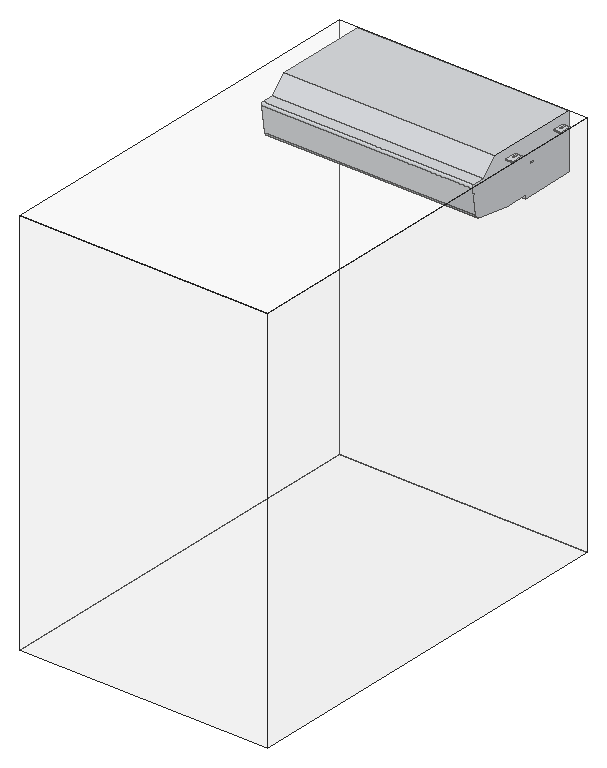
Revit family "pc-rp80140ha20_50hz", category 機械設備, Revit 2019
Family settings
  丸型コネクタ寸法 = 直径を使用
  パーツ タイプ = 標準
  OmniClass 番号 = 23.75.10.24.21.27.27
  OmniClass タイトル = Split System Air Conditioning Units
  作業面ベース = いいえ
  常に垂直 = はい
  ロード時にボイドで切り取り = いいえ
  共有 = いいえ
  部屋計算ポイント = はい
Parameters (values of type "厨房天吊_PC-RP80HA20")
  風量_強 (㎥/min) = 17
  風量_弱 (㎥/min) = 15
  風量 = MAX風量  # 1020.0 m³/h
  音響パワーレベル_強 (dB) = 57
  音響パワーレベル_弱 (dB) = 55
  音響パワーレベル(dB) = [音響パワーレベル_強 (dB)]  # 57
  電源種別 = ""
  電源_H = 0 mm
  電圧 = 0 V
  電動機出力_送風機 = 0.04 kW
  運転質量 = 0.00 kg
  連動 = ""
  質量 = if(製品質量 > 運転質量, 製品質量, 運転質量) * 1.2  # 50.40 kg
  負荷分類 = 3_ファン類
  構成品番 = "PC-RP80HA20"
  冷媒液管位置 = 175 mm
  冷媒ガス管位置 = 197 mm
  ドレン管径 (外径) = 32 mm
  【値が 0 の項目は組合せ形名にてご確認ください】 = ""
  MIN風量 = [風量_弱 (㎥/min)] * 60.0 m³/h  # 900.0 m³/h
  MAX風量 = [風量_強 (㎥/min)] * 60.0 m³/h  # 1020.0 m³/h
  サービススペース = yes
  ケーブルサイズ = 0 mm
  Version = ""
  URL = "https://www.mitsubishielectric.co.jp/ldg/wink/ssl/top.do"
  Line = not(Width = 1136 mm)  # no
  説明 = "店舗・事務所用パッケージエアコン(Mr.SLIM) 厨房用(天吊形)"
  設計暖房能力 = 0.00 kW
  設計冷房能力_顕熱 = 0 kW
  設計冷房能力 = 0 kW
  設置方法 = "天井吊形"
  記号 = ""
  製造元 = "三菱電機株式会社"
  製品質量 = 42.00 kg
  製品出荷対象 = "国内"
  製品リリース年月 = ""
  製品グループ = ""
  系統 = ""
  符号 = "PAC_CRK"
  積算_科目 = "1 空気調和設備"
  積算_拾い区分 [instance] = ""
  相 = 1
  盤記号 = ""
  発停方法 = "付属スイッチ"
  特殊仕様 = ""
  火災停止 = ""
  消費電力_暖房 = 0.13 kW
  消費電力_冷房 = 0.13 kW
  消費電力 = if(消費電力_冷房 > 消費電力_暖房, 消費電力_冷房, 消費電力_暖房)  # 0.13 kW
  法定耐用年数 = "6"
  極数 = 1
  材質 = ""
  本体マテリアル = none
  有効加湿量 = 0
  暖房能力 = 8.00 kW
  推奨ブレーカー容量 = 0 A
  形式_加湿器 = ""
  形式 = "厨房用天井吊（露出）形"
  幹線記号 = ""
  始動方式 = "直入"
  呼称 = "室内機_厨房用天井吊（露出）形"
  周波数 = 50 Hz
  吊り位置Y = 320 mm
  吊り位置X = 1180 mm
  吊りボルト_H = 43 mm
  台数_手元リモコン = ""
  台数_冷媒分岐ユニット = ""
  参照している仕様書等のバージョン = "公共建築工事標準仕様書（機械設備工事編）平成31年度版"
  加湿給水管径 = 0.00 mm
  分類コード = "50053003123100"
  分類グループ = ""
  冷房能力 = 7.1 kW
  冷媒高低圧ガス管径 = 0.00 mm
  冷媒管径符号 = "Bd"
  冷媒管径 = 100.00 mm
  冷媒液管高さ = 165 mm
  冷媒液管径 = 9.52 mm
  冷媒ガス管高さ = 165 mm
  冷媒ガス管径 = 15.88 mm
  企業コード = "108420"
  付属品_フィルター = ""
  付属品 = ""
  仕様書バージョン = "Version1.0"
  Model = ""
  パネルマテリアル = none
  ドレン管高さ = 254 mm
  ドレン管径 = 25.00 mm
  コメント [instance] = ""
  ケーブル種類 = ""
  Width = 1136 mm
  Uniclass2015Version = "Systems v1.9"
  Uniclass2015Title = "Split coil remote air cooled condensing units"
  Uniclass2015Code = "Pr_70_65_03_84"
  SpecificationReference = ""
  SpecificationDescription = ""
  S_H = 295 mm
  Revision = ""
  ProductInformation = ""
  OmniClassCode = "23-33 17 13 11"
  IfcTypeProduct = ""
  IfcProduct = ""
  IfcExportType = "AIRCONDITIONINGUNIT"
  IfcExportAs = "IfcUnitaryEquipmentType"
  Height = 280 mm
  Depth = 650 mm
  価格 = 0
  Clearance Top = 2 mm
  Clearance Right = 100 mm
  Clearance Left = 100 mm
  Clearance Front = 1500 mm
  Clearance Bottom = 1800 mm
  Clearance Back = 0 mm
  Author = "三菱電機株式会社"
Types (2, lengths in mm): name | 風量_強 (㎥/min) | 風量_弱 (㎥/min) | 風量 | 音響パワーレベル_強 (dB) | 音響パワーレベル_弱 (dB) | 音響パワーレベル(dB) | 電動機出力_送風機 | 質量 | 構成品番 | MIN風量 | MAX風量 | Line | 製品質量 | 消費電力_暖房 | 消費電力_冷房 | 消費電力 | 暖房能力 | 吊り位置X | 冷房能力 | Width
  厨房天吊_PC-RP140HA20 | 38 | 28 | 2280.0 m³/h | 68 | 61 | 68 | 0.16 kW | 67.20 kg | "PC-RP140HA20" | 1680.0 m³/h | 2280.0 m³/h | yes | 56.00 kg | 0.30 kW | 0.30 kW | 0.30 kW | 14.00 kW | 1564 | 12.5 kW | 1520
  厨房天吊_PC-RP80HA20 | 17 | 15 | 1020.0 m³/h | 57 | 55 | 57 | 0.04 kW | 50.40 kg | "PC-RP80HA20" | 900.0 m³/h | 1020.0 m³/h | no | 42.00 kg | 0.13 kW | 0.13 kW | 0.13 kW | 8.00 kW | 1180 | 7.1 kW | 1136
Reference planes
  plane 1 "中心(正面/背面)": y = 0
  plane 2: z = 0
  plane 3 "中心(左/右)": x = 0
  plane 4: x = 523
  plane 5: z = 3835
  plane 6: x = 438
  plane 7: z = 3835
  plane 8: x = 463
  plane 9: z = 3746
  plane 10: x = 668
  plane 11: x = 568
  plane 12: x = -668
  plane 13: x = -568
  plane 14: y = -650
  plane 15: z = -280
  plane 16: y = -2150
  plane 17: x = -590
  plane 18: x = 590
  plane 19: z = -2095
  plane 20: z = -295
  plane 21: x = 558.3
  plane 22: y = -80
  plane 23: y = -400
  plane 24: y = -325
  plane 25: y = -197
  plane 26: y = -175
  plane 27: y = -70
  plane 28: z = -43
  plane 29: z = -165
  plane 30: z = -254
  plane 31: x = 523
  plane 32: x = 438
  plane 33: x = 463
  plane 34: x = 463
  plane 35: z = 3746
  plane 36: z = 2
  plane 37: z = -95
  plane 38: z = -165
Forms (mm)
  Extrusion 1, solid
    sketch origin (0, -325, -4000) x (0, 1, 0) y (0, 0, 1)
      loop
        line (325, 4000) -> (-171.734, 4000) -> (-246.938, 3924.796) -> (-313.202, 3924.796)
        arc (-313.202, 3924.796) -> (-322.395, 3920.509) -> (-325.02, 3910.712) r 12
        line (-325.02, 3910.712) -> (-299.97, 3768.648)
        arc (-299.97, 3768.648) -> (-294.972, 3759.046) -> (-285.369, 3754.047) r 18
        line (-285.369, 3754.047) -> (-92.277, 3720) -> (35.069, 3720) -> (35.069, 3705) -> (325, 3705) -> (325, 4000)
    from -568 to 568
  Extrusion 2, solid, detail levels fine
    sketch origin (0, 0, 0) x (0, 0, -1) y (-1, 0, 0)
      loop
        circle (165.005, -523) r 7.94
    from -325 to -197
  Extrusion 3, solid, detail levels fine
    sketch origin (0, 0, 0) x (0, 0, -1) y (-1, 0, 0)
      loop
        circle (165.005, -438) r 4.76
    from -175 to -325
  Extrusion 4, solid, detail levels fine
    sketch origin (0, 0, 0) x (0, 0, -1) y (-1, 0, 0)
      loop
        circle (254.005, -463) r 16
    from -70 to -325
  Extrusion 5, solid, detail levels fine
    sketch origin (0, 0, -4000) x (1, 0, 0) y (0, 1, 0)
      loop
        line (568, -370) -> (568, -430) -> (612, -430) -> (612, -370) -> (595, -370) -> (595, -400)
        arc (595, -400) -> (590, -405) -> (585, -400) r 5
        line (585, -400) -> (585, -370) -> (568, -370)
    from 3954.5 to 3959.5
  Extrusion 6, solid, detail levels fine
    sketch origin (0, 320, -4000) x (1, 0, 0) y (0, 1, 0)
      loop
        line (568, -370) -> (568, -430) -> (612, -430) -> (612, -370) -> (595, -370) -> (595, -400)
        arc (595, -400) -> (590, -405) -> (585, -400) r 5
        line (585, -400) -> (585, -370) -> (568, -370)
    from 3954.5 to 3959.5
  Extrusion 7, solid, detail levels fine
    sketch origin (-1180, 0, -4000) x (1, 0, 0) y (0, 1, 0)
      loop
        line (568, -370) -> (568, -430) -> (612, -430) -> (612, -370) -> (595, -370) -> (595, -400)
        arc (595, -400) -> (590, -405) -> (585, -400) r 5
        line (585, -400) -> (585, -370) -> (568, -370)
    from 3954.5 to 3959.5
  Extrusion 8, solid, detail levels fine
    sketch origin (-1180, 320, -4000) x (1, 0, 0) y (0, 1, 0)
      loop
        line (568, -370) -> (568, -430) -> (612, -430) -> (612, -370) -> (595, -370) -> (595, -400)
        arc (595, -400) -> (590, -405) -> (585, -400) r 5
        line (585, -400) -> (585, -370) -> (568, -370)
    from 3954.5 to 3959.5
  Extrusion 9, solid, detail levels fine
    sketch origin (-3.482, 0, 0) x (1, 0, 0) y (0, 0, 1)
      loop
        circle (483.982, -165) r 50
    from 0 to 5
  Extrusion 10, solid, detail levels fine
    sketch origin (0, 160, 0) x (0, 0, -1) y (-1, 0, 0)
      loop
        circle (254.005, -463) r 16
    from -160 to -165
Lines and regions (mm)
  model lines, detail levels fine
    curve 1: line (-493, -647.647, -102.744) -> (-493, -628.546, -211.073)
    curve 2: line (493, -647.647, -102.744) -> (493, -628.546, -211.073)
    curve 3: line (-493, -647.647, -102.744) -> (493, -647.647, -102.744)
    curve 4: line (493, -628.546, -211.073) -> (-493, -628.546, -211.073)
Dimensions and locks
  equal spacing: plane 13, plane 3 "中心(左/右)", plane 11
  "Width": plane 13 to plane 11
  "Clearance Right": plane 11 to plane 10
  "Clearance Left": plane 12 to plane 13
  "Depth": plane 14 to plane 1 "中心(正面/背面)"
  "Height": level to plane 15
  "Clearance Front": plane 16 to plane 14
  equal spacing: plane 17, plane 3 "中心(左/右)", plane 18
  "吊り位置X": plane 17 to plane 18
  "S_H": level to plane 20
  locked: plane 21 to plane 11 at 9.7
  locked: plane 22 to plane 1 "中心(正面/背面)" at 80
  "吊り位置Y": plane 22 to plane 23
  plane 27 to plane 1 "中心(正面/背面)" = 70 mm
  "冷媒液管位置": plane 26 to plane 1 "中心(正面/背面)"  (x2)
  "冷媒ガス管位置": plane 25 to plane 1 "中心(正面/背面)"  (x2)
  plane 24 to plane 25 = 128 mm
  plane 24 to plane 26 = 150 mm
  "Clearance Bottom": plane 20 to plane 19
  "吊りボルト_H": level to plane 28
  level to plane 29 = 165 mm
  level to plane 30 = 254 mm
  plane 31 to plane 11 = 45 mm
  plane 32 to plane 31 = 85 mm
  plane 33 to plane 11 = 105 mm
  "Clearance Back": plane 1 "中心(正面/背面)" to nested 1
  equal spacing: plane 32, Extrusion 9 sketch curve, plane 31
  "Clearance Top": plane 36 to plane 2
  "冷媒ガス管高さ": plane 2 to plane 29
  "冷媒液管高さ": Extrusion 1 to plane 38
  "冷媒液管径": diameter of Extrusion 3 sketch curve
  "冷媒ガス管径": diameter of Extrusion 2 sketch curve
  "ドレン管径 (外径)": diameter of Extrusion 4 sketch curve
  "ドレン管径 (外径)": diameter of Extrusion 10 sketch curve
  aligned and locked: level to plane 2
  aligned and locked: plane 11 to Extrusion 1
  aligned and locked: plane 13 to Extrusion 1
  aligned and locked: plane 12 to nested 1
  aligned and locked: nested 1 to plane 10
  aligned and locked: plane 17 to nested 2
  aligned and locked: nested 2 to plane 18
  aligned and locked: plane 20 to Extrusion 1
  aligned and locked: plane 19 to nested 1
  aligned and locked: plane 21 to nested 3
  aligned and locked: nested 1 to plane 16
  aligned and locked: plane 22 to nested 2
  aligned and locked: plane 23 to nested 2
  aligned and locked: plane 1 "中心(正面/背面)" to nested 1
  aligned and locked: plane 36 to nested 1
Automatic sketch dimensions
  Extrusion 1 sketch curve to level = 0 mm
  Extrusion 1 sketch curve to plane 15 = 0 mm
  Extrusion 1 sketch curve to plane 20 = 0 mm
  Extrusion 1 sketch curve to plane 1 "中心(正面/背面)" = 0 mm
  plane 24 to Extrusion 1 sketch curve = 35.069 mm
  Extrusion 1 sketch curve to plane 23 = 17.277 mm
  Extrusion 1 sketch curve to plane 23 = 96.734 mm
  Extrusion 1 sketch curve to plane 28 = 32.204 mm
  plane 14 to Extrusion 1 sketch curve = 78.062 mm
  plane 14 to Extrusion 1 sketch curve = 42.756 mm
  plane 30 to Extrusion 1 sketch curve = 8.047 mm
  Extrusion 1 sketch curve to Extrusion 1 sketch curve = 3.126 mm
  Extrusion 1 sketch curve to Extrusion 1 sketch curve = 17.727 mm
  plane 14 to Extrusion 1 sketch curve = 11.798 mm
  Extrusion 1 sketch curve to plane 14 = 0.02 mm
  Extrusion 1 sketch curve to Extrusion 1 sketch curve = 14.601 mm
  Extrusion 1 sketch curve to Extrusion 1 sketch curve = 14.084 mm
  Extrusion 1 to curve 3 = 13.664 mm
  curve 2 to Extrusion 1 = 20.591 mm
  Extrusion 1 to curve 1 = 75 mm
  Extrusion 1 to curve 3 = 75 mm
  Extrusion 5 sketch curve to plane 11 = 0 mm
  Extrusion 5 sketch curve to plane 23 = 0 mm
  Extrusion 5 sketch curve to plane 18 = 0 mm
  Extrusion 5 sketch curve to Extrusion 5 sketch curve = 5 mm
  Extrusion 5 sketch curve to plane 18 = 22 mm
  Extrusion 5 sketch curve to plane 23 = 30 mm
  plane 23 to Extrusion 5 sketch curve = 30 mm
  Extrusion 5 sketch curve to Extrusion 5 sketch curve = 0 mm
  Extrusion 6 sketch curve to plane 11 = 0 mm
  Extrusion 6 sketch curve to plane 22 = 0 mm
  Extrusion 6 sketch curve to plane 18 = 0 mm
  Extrusion 6 sketch curve to Extrusion 6 sketch curve = 5 mm
  Extrusion 6 sketch curve to plane 18 = 22 mm
  Extrusion 6 sketch curve to plane 22 = 30 mm
  plane 27 to Extrusion 6 sketch curve = 20 mm
  Extrusion 6 sketch curve to Extrusion 6 sketch curve = 0 mm
  Extrusion 7 sketch curve to plane 23 = 0 mm
  Extrusion 7 sketch curve to plane 17 = 0 mm
  Extrusion 7 sketch curve to plane 13 = 0 mm
  Extrusion 7 sketch curve to plane 17 = 5 mm
  Extrusion 7 sketch curve to plane 17 = 22 mm
  Extrusion 7 sketch curve to plane 23 = 30 mm
  plane 23 to Extrusion 7 sketch curve = 30 mm
  Extrusion 7 sketch curve to Extrusion 7 sketch curve = 0 mm
  Extrusion 8 sketch curve to plane 22 = 0 mm
  Extrusion 8 sketch curve to plane 17 = 0 mm
  Extrusion 8 sketch curve to plane 13 = 0 mm
  Extrusion 8 sketch curve to plane 17 = 5 mm
  Extrusion 8 sketch curve to plane 17 = 22 mm
  Extrusion 8 sketch curve to plane 22 = 30 mm
  plane 27 to Extrusion 8 sketch curve = 20 mm
  Extrusion 8 sketch curve to Extrusion 8 sketch curve = 0 mm
  Extrusion 9 sketch curve to plane 29 = 0 mm
  Extrusion 1 to Extrusion 2 sketch curve = 45 mm
  Extrusion 2 sketch curve to Extrusion 1 = 129.995 mm
  Extrusion 3 sketch curve to Extrusion 1 = 129.995 mm
  Extrusion 1 to Extrusion 3 sketch curve = 130 mm
  Extrusion 4 sketch curve to Extrusion 1 = 40.995 mm
  Extrusion 1 to Extrusion 4 sketch curve = 105 mm
  plane 33 to Extrusion 10 sketch curve = 0 mm
  Extrusion 10 sketch curve to plane 30 = 0.005 mm
  radius of Extrusion 9 sketch curve = 50 mm
Nested families
  nested 1: "サービススペース" at (0, -1075, -1046.5), visible <- "サービススペース", type "サービススペース"
    with Width 1336 mm, Height 2097 mm, Depth 2150 mm
  nested 2: "固定点" at (-590, -400, 0), type "固定点"
    with W 1180 mm, D 320 mm
  nested 3: "吸込口" at (-192, 0, -4000), Width <- "Width", type "吸込口"
    with Width 1136 mm, Line no
Connectors
  piping at (480.5, 0, -165), diameter 100, driven by "冷媒管径", driven by "冷媒管径符号"
    settings: on Extrusion 9, index 1, connector inside diameter 609.60 mm, connector length 0 mm, flow factor 0, pipe flow 0.0 L/s, pressure drop 0.0 Pa, fitting loss kfactor 0, connector angle 0.00°, fixture units 0, engagement length 0 mm, angle of deflection 0.00°, flow configuration 1, flow direction 1, fitting loss method 4, system type 7, joint type 0, gender type 0, connector reference index -1, connector utility 0, adjustable connector no, is connector primary yes, connector description "Bd"
  piping at (463, 0, -254.005), diameter 32, driven by "ドレン管径 (外径)"
    settings: on Extrusion 10, index 2, connector inside diameter 609.60 mm, connector length 0 mm, flow factor 0, pipe flow 0.0 L/s, pressure drop 0.0 Pa, fitting loss kfactor 0, connector angle 0.00°, fixture units 0, engagement length 0 mm, angle of deflection 0.00°, flow configuration 1, flow direction 2, fitting loss method 4, system type 16, joint type 0, gender type 0, connector reference index -1, connector utility 0, adjustable connector no, is connector primary no, connector description ""
  electrical at (568, -417.216, -169.727), driven by "極数", driven by "負荷分類", driven by "電圧", driven by "消費電力"
    settings: on Extrusion 1, index 3, voltage 0 V, apparent load 130 VA, apparent load phase1 0 VA, apparent load phase2 0 VA, apparent load phase3 0 VA, power factor 1, load classification "3_ファン類", number of poles 1, system type 30, power factor state 1, is connector primary yes, connector utility no, sub classification motor no, connector description ""
Definition of nested family "サービススペース"
  Parameters (values of type "サービススペース")
    Width [instance] = 500 mm
    Height [instance] = 500 mm
    Depth [instance] = 500 mm
  Reference planes
    plane 1 "中心(正面/背面)": y = 0
    plane 2: z = 0
    plane 3 "中心(左/右)": x = 0
    plane 4: y = -250
    plane 5: x = 250
    plane 6: y = 250
    plane 7: x = -250
    plane 8: z = 250
    plane 9: z = -250
  Forms (mm)
    Extrusion 1, solid
      sketch origin (-638.939, 0, 72.39) x (1, 0, 0) y (0, 1, 0)
        loop
          line (388.939, 250) -> (388.939, -250) -> (888.939, -250) -> (888.939, 250) -> (388.939, 250)
      from -322.39 to 177.61
  Lines and regions (mm)
    symbolic lines
      curve 1: line (-250, 0, 250) -> (250, 0, 250)
      curve 2: line (-250, 0, -250) -> (-250, 0, 250)
      curve 3: line (250, 0, -250) -> (-250, 0, -250)
      curve 4: line (250, 0, 250) -> (250, 0, -250)
      curve 5: line (0, -250, 250) -> (0, 250, 250)
      curve 6: line (0, -250, -250) -> (0, -250, 250)
      curve 7: line (0, 250, -250) -> (0, -250, -250)
      curve 8: line (0, 250, 250) -> (0, 250, -250)
      curve 9: line (-250, 250, 0) -> (250, 250, 0)
      curve 10: line (-250, -250, 0) -> (-250, 250, 0)
      curve 11: line (250, -250, 0) -> (-250, -250, 0)
      curve 12: line (250, 250, 0) -> (250, -250, 0)
  Dimensions and locks
    equal spacing: plane 7, plane 3 "中心(左/右)", plane 5
    equal spacing: plane 4, plane 1 "中心(正面/背面)", plane 6
    "Depth": plane 4 to plane 6
    "Width": plane 7 to plane 5
    equal spacing: plane 8, plane 2, plane 9
    "Height": plane 8 to plane 9
    aligned and locked: plane 9 to curve 3
    aligned and locked: plane 7 to curve 2
    aligned and locked: curve 4 to plane 5
    aligned and locked: plane 5 to Extrusion 1
    aligned and locked: Extrusion 1 to plane 7
    aligned and locked: Extrusion 1 to plane 9
    aligned and locked: plane 8 to Extrusion 1
    aligned and locked: plane 9 to curve 7
  Automatic sketch dimensions
    plane 4 to Extrusion 1 sketch curve = 0 mm
    Extrusion 1 sketch curve to plane 7 = 0 mm
    Extrusion 1 sketch curve to plane 5 = 0 mm
    plane 6 to Extrusion 1 sketch curve = 0 mm
    curve 2 to plane 8 = 0 mm
    plane 4 to curve 11 = 0 mm
    curve 11 to plane 7 = 0 mm
    curve 11 to plane 5 = 0 mm
    plane 6 to curve 10 = 0 mm
    curve 7 to plane 4 = 0 mm
    curve 7 to plane 6 = 0 mm
    curve 6 to plane 8 = 0 mm
Definition of nested family "固定点"
  Parameters (values of type "固定点")
    中心円 = 20 mm
    W [instance] = 1000 mm
    D [instance] = 1000 mm
  Reference planes
    plane 1 "中心(正面/背面)": y = 0
    plane 2: z = 0
    plane 3 "中心(左/右)": x = 0
    plane 4: x = 1000
    plane 5: y = 1000
  Lines and regions (mm)
    symbolic lines, detail levels fine
      curve 1: circle (0, 1000, 0) r 10 normal (0, 0, 1)
      curve 2: circle (0, 0, 0) r 10 normal (0, 0, 1)
      curve 3: circle (1000, 1000, 0) r 10 normal (0, 0, 1)
      curve 4: circle (1000, 0, 0) r 10 normal (0, 0, 1)
      curve 5: line (-200, 1000, 0) -> (1200, 1000, 0)
      curve 6: line (-200, 0, 0) -> (1200, 0, 0)
      curve 7: line (0, 1200, 0) -> (0, -200, 0)
      curve 8: line (1000, 1200, 0) -> (1000, -200, 0)
  Dimensions and locks
    "W": plane 3 "中心(左/右)" to plane 4
    "D": plane 1 "中心(正面/背面)" to plane 5
    "中心円": diameter of curve 1
    "中心円": diameter of curve 2
    "中心円": diameter of curve 3
    "中心円": diameter of curve 4
    aligned and locked: level to plane 2
    aligned and locked: plane 5 to curve 1
    aligned and locked: plane 3 "中心(左/右)" to curve 1
    aligned and locked: plane 3 "中心(左/右)" to curve 2
    aligned and locked: plane 1 "中心(正面/背面)" to curve 2
    aligned and locked: plane 4 to curve 3
    aligned and locked: plane 5 to curve 3
    aligned and locked: plane 1 "中心(正面/背面)" to curve 4
    aligned and locked: plane 4 to curve 4
    aligned and locked: plane 1 "中心(正面/背面)" to curve 6
    aligned and locked: curve 7 to plane 3 "中心(左/右)"
    aligned and locked: curve 8 to plane 4
  Automatic sketch dimensions
    curve 5 to plane 5 = 0 mm
    curve 6 to plane 3 "中心(左/右)" = 200 mm
    curve 5 to plane 3 "中心(左/右)" = 200 mm
    curve 4 to curve 6 = 200 mm
    curve 3 to curve 5 = 200 mm
    plane 1 "中心(正面/背面)" to curve 8 = 200 mm
    plane 1 "中心(正面/背面)" to curve 7 = 200 mm
    curve 3 to curve 8 = 200 mm
    curve 1 to curve 7 = 200 mm
Definition of nested family "吸込口"
  Parameters (values of type "吸込口")
    Width [instance] = 1136 mm
    Line [instance] = not(Width = 1136 mm)  # no
  Reference planes
    plane 1 "Center (Front/Back)": y = 0
    plane 2: z = 0
    plane 3 "Center (Left/Right)": x = 0
  Lines and regions (mm)
    model lines, visible <- "Line", detail levels fine
      curve 1: line (-376.3, -289.931, 3705) -> (-376.3, 0, 3705)
      curve 12: line (-391.3, 0, 3705) -> (-391.3, -289.931, 3705)
      curve 13: line (-750.3, -274.931, 3705) -> (-750.3, -15, 3705)
      curve 14: line (-401.3, -15, 3705) -> (-401.3, -274.931, 3705)
      curve 15: line (-750.3, -15, 3705) -> (-401.3, -15, 3705)
      curve 16: line (-401.3, -274.931, 3705) -> (-750.3, -274.931, 3705)
      curve 17: line (-750.3, -54.429, 3705) -> (-595.903, -274.931, 3705)
      curve 18: line (-401.3, -55, 3705) -> (-555.297, -274.931, 3705)
      curve 19: line (-750.3, -235.571, 3705) -> (-595.854, -15, 3705)
      curve 20: line (-401.3, -235, 3705) -> (-555.346, -15, 3705)
      curve 21: line (-750.3, -274.931, 3705) -> (-750.3, -15, 3705)
      curve 40: line (750.3, -274.931, 3705) -> (750.3, -15, 3705)
    model lines, detail levels fine
      curve 2: line (-7.7, 0, 3705) -> (-7.7, -289.931, 3705)
      curve 3: line (-366.3, -274.931, 3705) -> (-366.3, -15, 3705)
      curve 4: line (-17.7, -15, 3705) -> (-17.7, -274.931, 3705)
      curve 5: line (-366.3, -15, 3705) -> (-17.7, -15, 3705)
      curve 6: line (-17.7, -274.931, 3705) -> (-366.3, -274.931, 3705)
      curve 7: line (-366.3, -55, 3705) -> (-212.303, -274.931, 3705)
      curve 8: line (-17.7, -55, 3705) -> (-171.697, -274.931, 3705)
      curve 9: line (-366.3, -235, 3705) -> (-212.254, -15, 3705)
      curve 10: line (-17.7, -235, 3705) -> (-171.746, -15, 3705)
      curve 11: line (7.3, -289.931, 3705) -> (7.3, 0, 3705)
      curve 22: line (376.3, -289.931, 3705) -> (376.3, 0, 3705)
      curve 23: line (366.3, -274.931, 3705) -> (366.3, -15, 3705)
      curve 24: line (17.7, -15, 3705) -> (17.7, -274.931, 3705)
      curve 25: line (366.3, -15, 3705) -> (17.7, -15, 3705)
      curve 26: line (17.7, -274.931, 3705) -> (366.3, -274.931, 3705)
      curve 27: line (366.3, -55, 3705) -> (212.303, -274.931, 3705)
      curve 28: line (17.7, -55, 3705) -> (171.697, -274.931, 3705)
      curve 29: line (366.3, -235, 3705) -> (212.254, -15, 3705)
      curve 30: line (17.7, -235, 3705) -> (171.746, -15, 3705)
      curve 31: line (391.3, 0, 3705) -> (391.3, -289.931, 3705)
      curve 32: line (750.3, -274.931, 3705) -> (750.3, -15, 3705)
      curve 33: line (401.3, -15, 3705) -> (401.3, -274.931, 3705)
      curve 34: line (750.3, -15, 3705) -> (401.3, -15, 3705)
      curve 35: line (401.3, -274.931, 3705) -> (750.3, -274.931, 3705)
      curve 36: line (750.3, -54.429, 3705) -> (595.903, -274.931, 3705)
      curve 37: line (401.3, -55, 3705) -> (555.297, -274.931, 3705)
      curve 38: line (750.3, -235.571, 3705) -> (595.854, -15, 3705)
      curve 39: line (401.3, -235, 3705) -> (555.346, -15, 3705)
  Dimensions and locks
    aligned and locked: level to plane 2
